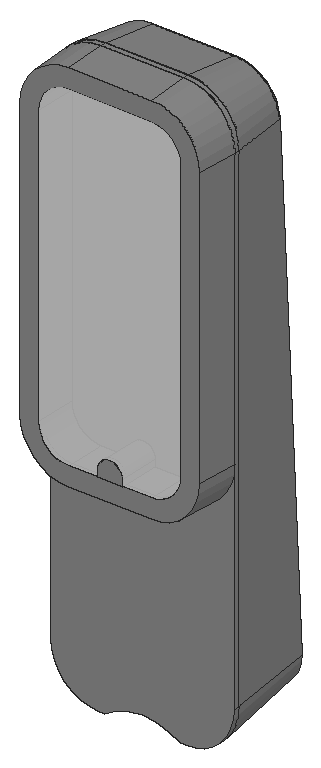
Revit family "DPL Small1", category Lighting Fixtures, host Face, Revit 2019
Family settings
  Host = Face
  Round Connector Dimension = Use Diameter
  Part Type = Normal
  Cut with Voids When Loaded = No
  Light Source = Yes
  Shared = No
  Room Calculation Point = No
Parameters (values of type "DPL LA02X_LA06X")
  Wattage Comments = "46"
  Wattage = 0 W
  built-in parameter 1150110 = 1 (stored number, unit not read)
  Voltage [instance] = 120 V
  URL = "http://www.holophane.co.uk/files/listing_downloads/denver_id_pole-1.pdf"
  Tilt Angle = 90.00°
  built-in parameter 1150109 = 1 (stored number, unit not read)
  built-in parameter 1150134 = 3
  built-in parameter 1150113 = 1 (stored number, unit not read)
  Specification Sheet URL = "http://www.holophane.co.uk/files/listing_downloads/denver_id_pole-1.pdf"
  Photometric Web File = "generic"
  built-in parameter 1150142 = (empty or 0)
  Lumens Per Lamp = 0 cd/m²
  Diffuser Material = DPL - Lens
  Number of Lamps = "1"
  Manufacturer = "Acuity Brands Lighting"
  built-in parameter 1150105 = (empty or 0)
  Luminaire Width = 144 mm
  Luminaire Length = 472 mm
  Luminaire Depth = 116 mm
  Lumens = 0 lm
  built-in parameter 1150115 = 1 (stored number, unit not read)
  built-in parameter 1114217 = 1 (stored number, unit not read)
  built-in parameter 1150137 = (empty or 0)
  built-in parameter 1150139 = (empty or 0)
  Housing Material = C4
  built-in parameter 1150112 = 1 (stored number, unit not read)
  built-in parameter 1150114 = 1 (stored number, unit not read)
  Lamp = "LED"
  built-in parameter 1150132 = 2
  built-in parameter 1150102 = (empty or 0)
  built-in parameter 1150107 = 3200 (stored number, unit not read)
  built-in parameter 1150138 = (empty or 0)
  built-in parameter 1150106 = (empty or 0)
  IES File URL = "[IES File URL]"
  Host Thickness = 304.8 mm  # constant formula
  built-in parameter 1150104 = 13.8 (stored number, unit not read)
  Dimming Lamp Color Temperature Shift = <None>
  Description = ""
  Default Elevation = 0 mm
  Copyright = "© Copyright 2021 Acuity Brands Lighting, Inc. All Rights Reserved."
  Connector Offset = 152.4 mm  # constant formula
  Color Filter = 16777215
  built-in parameter 1114216 [instance] = 1 (stored number, unit not read)
  Catalog Number = ""
  built-in parameter 1140040 [instance] = 1
  Brand = "Holophane UK"
  built-in parameter 1114218 = 1 (stored number, unit not read)
  built-in parameter 1150133 = 10 (stored number, unit not read)
  Assembly Code = ""
  Apparent Load = 0 VA
Reference planes
  plane 1: z = 0
  plane 2 "Connector Location": z = -152.4
  plane 3 "Left/Right": x = 447.724
  plane 4 "Front/Back": y = 0
  plane 5: x = 447.724
  plane 6: y = 0
  plane 7: through (0, 20, 0) normal (0, 0.9978, 0.0666)
  plane 8: y = -63.161
Forms (mm)
  Extrusion 1, void
    sketch origin (440.668, 0, 10) x (0, 1, 0) y (0, 0, 1)
      loop
        line (58.229, -11.89) -> (58.229, 478.664) -> (0, 474.78) -> (-10.692, 460.163) -> (20.793, -11.89) -> (58.229, -11.89)
    from -138.695 to 94.886
  Blend 2, solid, material "C4" <- "Housing Material"
    base sketch origin (1343.173, -63.161, 456.272) x (0, 0, -1) y (1, 0, 0)
      loop
        arc (31.644, -822.505) -> (3.31, -834.241) -> (-8.427, -862.575) r 40.07
        line (-8.427, -862.575) -> (-8.427, -928.323)
        arc (-8.427, -928.323) -> (3.31, -956.656) -> (31.644, -968.393) r 40.07
        line (31.644, -968.393) -> (426.644, -968.393)
        arc (426.644, -968.393) -> (454.144, -957.002) -> (465.534, -929.502) r 38.891
        line (465.534, -929.502) -> (465.534, -861.396)
        arc (465.534, -861.396) -> (454.144, -833.896) -> (426.644, -822.505) r 38.891
        line (426.644, -822.505) -> (31.644, -822.505)
    top sketch origin (1343.173, -63.161, 456.272) x (0, 0, -1) y (1, 0, 0)
      loop
        arc (31.644, -835.449) -> (12.462, -843.394) -> (4.517, -862.575) r 27.126
        line (4.517, -862.575) -> (4.517, -928.323)
        arc (4.517, -928.323) -> (12.462, -947.504) -> (31.644, -955.449) r 27.126
        line (31.644, -955.449) -> (426.644, -955.449)
        arc (426.644, -955.449) -> (443.833, -947.615) -> (449.199, -929.502) r 22.777
        line (449.199, -929.502) -> (449.199, -861.396)
        arc (449.199, -861.396) -> (443.833, -843.283) -> (426.644, -835.449) r 22.777
        line (426.644, -835.449) -> (31.644, -835.449)
    from -4.381 to -99.293
  Sweep 3, void
    path origin (440.668, -9.669, 454.823) x (0, 0.06655, -0.997783) y (-1, 0, 0)
      loop
        line (30.262, -73.028) -> (426.14, -69.43)
        arc (426.14, -69.43) -> (445.088, -60.867) -> (451.463, -41.075) r 25.648
        line (451.463, -41.075) -> (451.463, 26.963)
        arc (451.463, 26.963) -> (445.088, 46.755) -> (426.14, 55.323) r 25.648
        line (426.14, 55.323) -> (29.41, 58.923)
        arc (29.41, 58.923) -> (6.342, 49.368) -> (-3.214, 26.299) r 32.624
        line (-3.214, 26.299) -> (-3.214, -39.552)
        arc (-3.214, -39.552) -> (6.591, -63.223) -> (30.262, -73.028) r 33.476
    profile origin (447.295, -9.883, 458.03) x (0, -0.06655, 0.997783) y (0, 0.997783, 0.06655)
      loop
        line (2.117, -7.076) -> (2.117, 0.81) -> (-5.861, 0.81)
        arc (-5.861, 0.81) -> (-0.637, -1.883) -> (2.117, -7.076) r 9.831
  Extrusion 4, solid, material "C4" <- "Housing Material"
    sketch origin (1919.299, -58.78, 303.996) x (0, 0, -1) y (1, 0, 0)
      loop
        line (-120.611, -1544.518) -> (274.389, -1544.518)
        arc (274.389, -1544.518) -> (301.889, -1533.128) -> (313.28, -1505.628) r 38.891
        line (313.28, -1505.628) -> (313.28, -1437.521)
        arc (313.28, -1437.521) -> (301.889, -1410.021) -> (274.389, -1398.63) r 38.891
        line (274.389, -1398.63) -> (-120.611, -1398.63)
        arc (-120.611, -1398.63) -> (-148.945, -1410.367) -> (-160.681, -1438.701) r 40.07
        line (-160.681, -1438.701) -> (-160.681, -1504.448)
        arc (-160.681, -1504.448) -> (-148.945, -1532.782) -> (-120.611, -1544.518) r 40.07
    from 0 to 4.381
  Sweep 5, solid, material "C4" <- "Housing Material"
    path origin (0, -0.313, 0) x (1, 0, 0) y (0, 0, 1)
      loop
        line (374.78, 424.628) -> (374.78, 203.553)
        arc (374.78, 203.553) -> (386.51, 175.234) -> (414.829, 163.504) r 40.049
        line (414.829, 163.504) -> (480.62, 163.504)
        arc (480.62, 163.504) -> (508.938, 175.234) -> (520.668, 203.553) r 40.049
        line (520.668, 203.553) -> (520.668, 424.628)
        arc (520.668, 424.628) -> (508.938, 452.947) -> (480.62, 464.677) r 40.049
        line (480.62, 464.677) -> (414.829, 464.677)
        arc (414.829, 464.677) -> (386.51, 452.947) -> (374.78, 424.628) r 40.049
    profile origin (447.724, -0.313, 464.677) x (0, 0, 1) y (0, -1, 0)
      loop
        line (0, 63.161) -> (-1.692, 95.446) -> (-16.692, 95.446) -> (-16.692, 63.161) -> (0, 63.161)
  Extrusion 6, solid, material "C4" <- "Housing Material"
    sketch origin (0, -0.313, 0) x (1, 0, 0) y (0, 0, 1)
      loop
        line (437.724, 180.196) -> (457.724, 180.196) -> (457.724, 185.196)
        arc (457.724, 185.196) -> (447.724, 195.196) -> (437.724, 185.196) r 10
        line (437.724, 185.196) -> (437.724, 180.196)
    from 63.161 to 95.446
  Extrusion 7, solid, material "DPL - Lens" <- "Diffuser Material"
    sketch origin (0, 0, 0) x (1, 0, 0) y (0, 0, 1)
      loop
        line (391.472, 424.628) -> (391.472, 203.553)
        arc (391.472, 203.553) -> (398.313, 187.037) -> (414.829, 180.196) r 23.357
        line (414.829, 180.196) -> (437.724, 180.196) -> (437.724, 185.196)
        arc (437.724, 185.196) -> (447.724, 195.196) -> (457.724, 185.196) r 10
        line (457.724, 185.196) -> (457.724, 180.196) -> (480.62, 180.196)
        arc (480.62, 180.196) -> (497.135, 187.037) -> (503.976, 203.553) r 23.357
        line (503.976, 203.553) -> (503.976, 424.628)
        arc (503.976, 424.628) -> (497.135, 441.144) -> (480.62, 447.985) r 23.357
        line (480.62, 447.985) -> (414.829, 447.985)
        arc (414.829, 447.985) -> (398.313, 441.144) -> (391.472, 424.628) r 23.357
    from 95.758 to 92.498
  Extrusion 8, void
    sketch origin (0, 0, 0) x (1, 0, 0) y (0, 0, 1)
      loop
        line (417.724, -9.284) -> (417.724, -29.284) -> (477.724, -29.284) -> (477.724, -9.284)
        arc (477.724, -9.284) -> (447.724, 0) -> (417.724, -9.284) r 53.112
    from -61.849 to 95.909
Cuts and joins
  Extrusion 1, Sweep 3, Extrusion 8 cuts Blend 2
  Extrusion 8 cuts Extrusion 4
Dimensions and locks
  "Connector Offset": level to plane 2 "Connector Location"
  aligned and locked: plane 1 to host face
Automatic sketch dimensions
  host sketch curve to host sketch curve = 2438.4 mm  (x2)
  plane 7 to Extrusion 1 sketch curve = 0.666 mm  (x2)
  Extrusion 1 sketch curve to plane 4 "Front/Back" = 0 mm
  plane 4 "Front/Back" to Extrusion 1 sketch curve = 10.692 mm
  Extrusion 1 sketch curve to level = 1.89 mm
  Extrusion 1 sketch curve to plane 4 "Front/Back" = 58.229 mm
  Extrusion 1 sketch curve to Extrusion 1 sketch curve = 14.618 mm
  Extrusion 1 sketch curve to Extrusion 1 sketch curve = 3.884 mm
  plane 3 "Left/Right" to Blend 2 sketch curve = 32.874 mm  (x2)
  level to Blend 2 sketch curve = 464.698 mm
  Blend 2 sketch curve to Blend 2 sketch curve = 40.07 mm  (x2)
  level to Blend 2 sketch curve = 29.628 mm  (x4)
  Blend 2 sketch curve to level = 9.263 mm
  Blend 2 sketch curve to plane 3 "Left/Right" = 32.874 mm  (x2)
  level to Blend 2 sketch curve = 451.754 mm
  Blend 2 sketch curve to Blend 2 sketch curve = 27.126 mm  (x2)
  level to Blend 2 sketch curve = 7.073 mm
  Blend 2 sketch curve to plane 3 "Left/Right" = 34.053 mm
  plane 3 "Left/Right" to Blend 2 sketch curve = 34.053 mm
  Extrusion 1 to Sweep 3 sketch curve = 12.16 mm
  Extrusion 1 to Sweep 3 sketch curve = 44.784 mm
  Extrusion 1 to Sweep 3 sketch curve = 21.858 mm
  Extrusion 1 to Sweep 3 sketch curve = 45.636 mm
  Sweep 3 sketch curve to Extrusion 1 = 31.769 mm  (x2)
  Sweep 3 sketch curve to Extrusion 1 = 6.264 mm
  Extrusion 1 to Sweep 3 sketch curve = 51.103 mm
  Sweep 3 sketch curve to Sweep 3 sketch curve = 2.708 mm  (x2)
  Sweep 3 sketch curve to Sweep 3 sketch curve = 65.851 mm
  Sweep 3 sketch curve to Sweep 3 sketch curve = 68.038 mm
  Extrusion 1 to Sweep 3 sketch curve = 25.456 mm
  Sweep 3 sketch curve to Sweep 3 sketch curve = 0.181 mm
  Sweep 3 sketch curve to Sweep 3 sketch curve = 0 mm  (x2)
  Sweep 3 sketch curve to Sweep 3 sketch curve = 0.005 mm  (x2)
  profile plane to Sweep 3 sketch curve = 7.548 mm
  profile plane to Sweep 3 sketch curve = 0.81 mm
  profile plane to Sweep 3 sketch curve = 5.861 mm
  Sweep 3 sketch curve to profile plane = 2.117 mm
  Sweep 3 sketch curve to profile plane = 7.076 mm
  Extrusion 4 sketch curve to Blend 2 = 0.021 mm
  Extrusion 4 sketch curve to Extrusion 4 sketch curve = 40.07 mm  (x2)
  Extrusion 4 sketch curve to Blend 2 = 38.869 mm
  Extrusion 4 sketch curve to Extrusion 4 sketch curve = 0 mm
  Extrusion 4 sketch curve to Extrusion 4 sketch curve = 38.891 mm
  Blend 2 to Extrusion 4 sketch curve = 0 mm
  Extrusion 4 sketch curve to Extrusion 4 sketch curve = 65.748 mm
  Sweep 5 sketch curve to plane 3 "Left/Right" = 72.944 mm
  Sweep 5 sketch curve to plane 3 "Left/Right" = 32.895 mm  (x2)
  plane 3 "Left/Right" to Sweep 5 sketch curve = 32.895 mm  (x2)
  Sweep 5 sketch curve to Sweep 5 sketch curve = 40.049 mm
  level to Sweep 5 sketch curve = 163.504 mm
  Sweep 5 sketch curve to Sweep 5 sketch curve = 221.075 mm
  profile plane to Sweep 5 sketch curve = 0 mm
  profile plane to Sweep 5 sketch curve = 1.692 mm
  Sweep 5 sketch curve to Sweep 5 sketch curve = 16.692 mm
  profile plane to Sweep 5 sketch curve = 63.161 mm
  Sweep 5 sketch curve to Sweep 5 sketch curve = 32.285 mm
  Extrusion 6 sketch curve to plane 3 "Left/Right" = 0 mm
  Extrusion 6 sketch curve to plane 3 "Left/Right" = 10 mm
  level to Extrusion 6 sketch curve = 180.196 mm
  Extrusion 6 sketch curve to Extrusion 6 sketch curve = 5 mm
  Extrusion 7 sketch curve to plane 3 "Left/Right" = 0 mm
  Extrusion 7 sketch curve to plane 3 "Left/Right" = 10 mm
  Extrusion 7 sketch curve to plane 3 "Left/Right" = 32.895 mm
  Extrusion 7 sketch curve to Extrusion 7 sketch curve = 22.895 mm  (x2)
  Extrusion 7 sketch curve to Extrusion 7 sketch curve = 23.357 mm  (x2)
  plane 3 "Left/Right" to Extrusion 7 sketch curve = 32.895 mm
  level to Extrusion 7 sketch curve = 180.196 mm
  Extrusion 7 sketch curve to Extrusion 7 sketch curve = 221.075 mm
  Extrusion 7 sketch curve to Extrusion 7 sketch curve = 5 mm  (x2)
  Extrusion 8 sketch curve to plane 3 "Left/Right" = 0 mm
  Extrusion 8 sketch curve to level = 9.284 mm
  plane 3 "Left/Right" to Extrusion 8 sketch curve = 30 mm
  Extrusion 8 sketch curve to Extrusion 8 sketch curve = 20 mm
  Extrusion 8 sketch curve to Extrusion 8 sketch curve = 23.827 mm
  Extrusion 8 sketch curve to plane 3 "Left/Right" = 30 mm
Connectors
  electrical at (447.725, 0, 0), driven by "Voltage", driven by "Apparent Load"
    settings: on host face, index 1, voltage 120 V, apparent load 0 VA, apparent load phase1 0 VA, apparent load phase2 0 VA, apparent load phase3 0 VA, power factor 1, load classification "Lighting", number of poles 1, system type 31, power factor state 1, is connector primary yes, connector utility no, sub classification motor no, connector description ""
